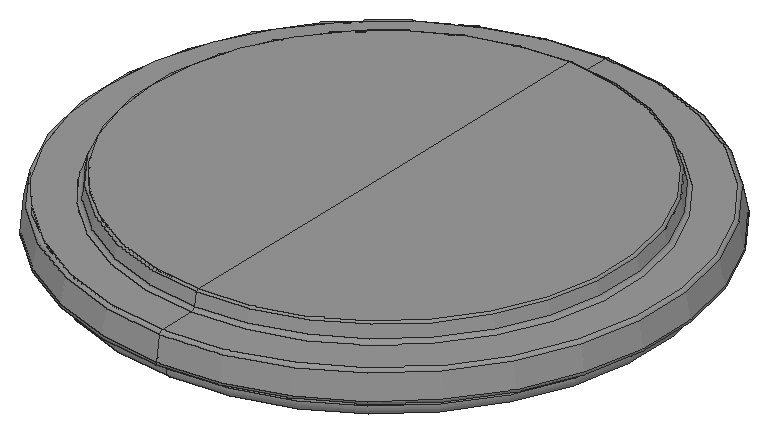
Revit family "FMK13_63_UN_Surface-mounted_ETK", category Lighting Fixtures, Revit 2017 (continued)
Definition of nested family "FMK.1 - Lightsource"
  Types (13, lengths in mm): name | Wattage Comments | Photometric Web File | built-in parameter 1150142 | Apparent Load
    FMK.1139.10 - Ø250x48 / 12W | "12W" | "FMK.1139.10.ies" | "IESNA:LM-63-2002\r\n[TEST] /2015\r\n[TESTLAB] ies2eulumdat.appspot.com\r\n[ISSUEDATE] 2021-06-16T09:00:21.829\r\n[MANUFAC] www.etk.nl\r\n[LUMCAT] FMK.1109.10\r\n[LUMINAIRE] FMK.1 LED 12W 3000/4000/5700K ø250 niet dimbaar\r\n[LAMPCAT] LED\r\n[LAMP] LED\r\nTILT=NONE\r\n1\t1150\t1\t46\t180\t1\t2\t-0.250\t-0.250\t0\r\n1.0\t1.0\t11.80\r\n0\t 2\t 4\t 6\t 8\t 10\t 12\t 14\t 16\t 18\r\n20\t 22\t 24\t 26\t 28\t 30\t 32\t 34\t 36\t 38\r\n40\t 42\t 44\t 46\t 48\t 50\t 52\t 54\t 56\t 58\r\n60\t 62\t 64\t 66\t 68\t 70\t 72\t 74\t 76\t 78\r\n80\t 82\t 84\t 86\t 88\t 90\r\n0\t 2\t 4\t 6\t 8\t 10\t 12\t 14\t 16\t 18\r\n20\t 22\t 24\t 26\t 28\t 30\t 32\t 34\t 36\t 38\r\n40\t 42\t 44\t 46\t 48\t 50\t 52\t 54\t 56\t 58\r\n60\t 62\t 64\t 66\t 68\t 70\t 72\t 74\t 76\t 78\r\n80\t 82\t 84\t 86\t 88\t 90\t 92\t 94\t 96\t 98\r\n100\t 102\t 104\t 106\t 108\t 110\t 112\t 114\t 116\t 118\r\n120\t 122\t 124\t 126\t 128\t 130\t 132\t 134\t 136\t 138\r\n140\t 142\t 144\t 146\t 148\t 150\t 152\t 154\t 156\t 158\r\n160\t 162\t 164\t 166\t 168\t 170\t 172\t 174\t 176\t 178\r\n180\t 182\t 184\t 186\t 188\t 190\t 192\t 194\t 196\t 198\r\n200\t 202\t 204\t 206\t 208\t 210\t 212\t 214\t 216\t 218\r\n220\t 222\t 224\t 226\t 228\t 230\t 232\t 234\t 236\t 238\r\n240\t 242\t 244\t 246\t 248\t 250\t 252\t 254\t 256\t 258\r\n260\t 262\t 264\t 266\t 268\t 270\t 272\t 274\t 276\t 278\r\n280\t 282\t 284\t 286\t 288\t 290\t 292\t 294\t 296\t 298\r\n300\t 302\t 304\t 306\t 308\t 310\t 312\t 314\t 316\t 318\r\n320\t 322\t 324\t 326\t 328\t 330\t 332\t 334\t 336\t 338\r\n340\t 342\t 344\t 346\t 348\t 350\t 352\t 354\t 356\t 358\r\n\r\n405.3384\t404.7765\t404.2265\t402.9975\t401.1013\t399.2051\t395.3191\t391.4331\t387.5471\t383.661\r\n379.7751\t373.4779\t367.169\t360.8717\t354.5746\t348.2657\t339.7094\t331.1415\t322.5852\t314.029\r\n305.461\t294.8096\t284.1582\t273.5069\t262.8555\t252.2041\t239.7267\t227.261\t214.7837\t202.3181\r\n189.8525\t177.3751\t164.9094\t152.432\t139.9664\t127.4891\t0\t0\t0\t0\r\n0\t0\t0\t0\t0\t0\r\n405.3384\t404.7925\t404.2577\t403.0448\t401.1686\t399.2994\t395.4335\t391.5606\t387.7102\t383.8203\r\n379.9334\t373.6444\t367.3443\t361.0453\t354.7325\t348.4388\t339.8983\t331.3616\t322.8117\t314.2627\r\n305.722\t295.0872\t284.4404\t273.8022\t263.1576\t252.5163\t240.0548\t227.5873\t215.131\t202.664\r\n190.1945\t177.7378\t165.2697\t152.8012\t140.3312\t128.1946\t0.3296\t0\t0\t0\r\n0\t0\t0\t0\t0\t0\r\n405.3384\t404.8094\t404.2892\t403.0935\t401.2796\t399.4809\t395.6213\t391.7396\t387.8385\t383.9437\r\n380.072\t373.802\t367.5085\t361.2065\t354.9129\t348.6531\t340.137\t331.5961\t323.0451\t314.5012\r\n305.9895\t295.3818\t284.734\t274.0862\t263.4264\t252.8071\t240.376\t227.9231\t215.4572\t202.995\r\n190.53\t178.0631\t165.6056\t153.1389\t140.6717\t129.4859\t1.3419\t0\t0\t0\r\n0\t0\t0\t0\t0\t0\r\n405.3384\t404.8271\t404.3209\t403.1488\t401.3532\t399.5783\t395.7291\t391.8382\t387.9181\t384.0265\r\n380.1901\t373.9544\t367.6616\t361.3486\t355.0482\t348.8012\t340.3437\t331.8018\t323.2501\t314.6929\r\n306.2129\t295.662\t285.012\t274.3604\t263.7094\t253.1247\t240.74\t228.2758\t215.8122\t203.3491\r\n190.8749\t178.4127\t165.9503\t153.4898\t141.027\t131.3458\t3.1025\t0\t0\t0\r\n0\t0\t0\t0\t0\t0\r\n405.3384\t404.8458\t404.3591\t403.1978\t401.4167\t399.6486\t395.7816\t391.8937\t388.0038\t384.1068\r\n380.2987\t374.1143\t367.817\t361.5156\t355.2003\t348.9967\t340.5979\t332.043\t323.4957\t314.942\r\n306.4955\t295.9896\t285.3021\t274.6328\t263.9659\t253.4202\t241.0823\t228.6129\t216.1591\t203.6915\r\n191.2234\t178.7558\t166.3001\t153.8352\t141.371\t133.6544\t5.718\t0\t0\t0\r\n0\t0\t0\t0\t0\t0\r\n405.3384\t404.8652\t404.3908\t403.2459\t401.4706\t399.6646\t395.8675\t391.9843\t388.0857\t384.1821\r\n380.4316\t374.3456\t368.0256\t361.7021\t355.3697\t349.2\t340.8799\t332.2872\t323.6935\t315.0968\r\n306.6804\t296.3012\t285.6181\t274.9391\t264.248\t253.707\t241.4578\t228.9766\t216.4988\t204.0245\r\n191.5571\t179.0864\t166.6186\t154.1544\t141.6922\t136.24\t9.3369\t0\t0\t0\r\n0\t0\t0\t0\t0\t0\r\n405.3384\t404.8854\t404.4219\t403.2933\t401.5055\t399.7186\t395.9651\t392.0842\t388.1903\t384.3067\r\n380.5784\t374.5562\t368.2162\t361.8639\t355.4958\t349.3364\t341.1183\t332.5123\t323.9013\t315.2964\r\n306.9063\t296.6299\t285.9122\t275.1976\t264.4831\t253.9575\t241.8218\t229.3201\t216.8328\t204.3396\r\n191.8483\t179.3695\t166.8926\t154.4222\t141.9565\t138.8551\t14.1501\t0\t0\t0\r\n0\t0\t0\t0\t0\t0\r\n405.3384\t404.9066\t404.4521\t403.3398\t401.5506\t399.7766\t396.0731\t392.2029\t388.3231\t384.3922\r\n380.6589\t374.7488\t368.3792\t361.9898\t355.5837\t349.4181\t341.3685\t332.7528\t324.1099\t315.4532\r\n307.0598\t296.9581\t286.2249\t275.4731\t264.7159\t254.1799\t242.1928\t229.6762\t217.1659\t204.6692\r\n192.1717\t179.6758\t167.1817\t154.6978\t142.2295\t141.3105\t20.401\t0\t0\t0\r\n0\t0\t0\t0\t0\t0\r\n405.3384\t404.9688\t404.4817\t403.3908\t401.5946\t399.8358\t396.2032\t392.3475\t388.4203\t384.4425\r\n380.7195\t374.9437\t368.5473\t362.1238\t355.6851\t349.5134\t341.9282\t332.9785\t324.3069\t315.6402\r\n306.9436\t297.5694\t286.5262\t275.7395\t264.9593\t254.1623\t242.7912\t230.0358\t217.5005\t204.986\r\n192.4711\t179.9636\t167.4644\t154.9748\t142.4941\t143.2492\t28.3764\t0\t0\t0\r\n0\t0\t0\t0\t0\t0\r\n405.3384\t404.9901\t404.5102\t403.434\t401.6375\t399.8986\t396.3675\t392.4653\t388.4946\t384.4886\r\n380.7515\t375.1532\t368.7296\t362.2829\t355.7949\t349.2691\t342.1908\t333.257\t324.528\t315.7751\r\n307.0363\t297.9246\t286.8722\t276.0236\t265.1733\t254.3419\t243.18\t230.433\t217.8766\t205.3224\r\n192.7845\t180.2462\t167.7206\t155.2142\t142.724\t144.3059\t38.4235\t0\t0\t0\r\n0\t0\t0\t0\t0\t0\r\n405.3384\t405.0108\t404.5376\t403.4745\t401.6757\t399.9613\t396.5103\t392.5677\t388.5717\t384.5293\r\n380.4421\t375.6788\t368.9428\t362.4278\t355.8852\t349.3419\t342.4468\t333.4846\t324.7196\t315.9401\r\n307.1422\t298.1755\t287.1691\t276.2852\t265.4162\t254.5351\t243.54\t230.8321\t218.2158\t205.6051\r\n193.0422\t180.5018\t167.9628\t155.4439\t142.9509\t130.4715\t80.1717\t0\t0\t0\r\n0\t0\t0\t0\t0\t0\r\n405.3384\t405.0308\t404.5638\t403.5122\t401.7197\t400.0344\t396.6479\t392.675\t388.642\t384.5539\r\n380.446\t375.8849\t369.1475\t362.5941\t356.0076\t349.3402\t342.606\t333.7678\t324.9507\t316.0958\r\n307.1888\t298.3823\t287.5427\t276.5987\t265.6547\t254.6769\t243.7733\t231.1892\t218.5583\t205.9536\r\n193.3574\t180.7795\t168.2176\t155.6732\t143.1664\t130.6811\t92.6587\t0\t0\t0\r\n0\t0\t0\t0\t0\t0\r\n405.3384\t405.0504\t404.5956\t403.547\t401.7653\t400.0733\t397.0342\t392.7846\t388.7175\t384.6009\r\n380.4658\t376.0643\t369.3866\t362.7735\t356.0799\t349.3699\t342.7566\t334.0832\t325.1628\t316.2179\r\n307.2752\t298.5357\t287.9146\t276.8913\t265.8705\t254.8646\t244.0337\t231.6235\t218.9315\t206.265\r\n193.6356\t181.0339\t168.4572\t155.9156\t143.3861\t130.8825\t104.473\t0\t0\t0\r\n0\t0\t0\t0\t0\t0\r\n405.3384\t405.0692\t404.6173\t403.5726\t401.812\t400.0922\t397.1653\t392.8976\t388.795\t384.6787\r\n380.4567\t376.1942\t369.6246\t362.9226\t356.2055\t349.4272\t342.8367\t334.3769\t325.3805\t316.3703\r\n307.3625\t298.3377\t288.5546\t277.2123\t266.1258\t255.0391\t244.1559\t232.0335\t219.3073\t206.6258\r\n193.9576\t181.3129\t168.7045\t156.1324\t143.5875\t131.0872\t115.0185\t0\t0\t0\r\n0\t0\t0\t0\t0\t0\r\n405.3384\t405.0876\t404.6362\t403.6022\t401.8688\t399.828\t397.2783\t392.9976\t388.9023\t384.7385\r\n380.4432\t376.2623\t369.8607\t363.1303\t356.3361\t349.4819\t342.5273\t334.9205\t325.6274\t316.563\r\n307.4647\t298.325\t288.8953\t277.552\t266.3836\t255.2249\t244.066\t232.6598\t219.71\t206.9637\r\n194.2635\t181.5828\t168.9417\t156.3369\t143.7678\t131.2452\t123.6219\t0\t0\t0\r\n0\t0\t0\t0\t0\t0\r\n405.3384\t405.1054\t404.6527\t403.6299\t401.9954\t399.8313\t397.3825\t393.1311\t389.0376\t384.7914\r\n380.4256\t376.2601\t370.1442\t363.3441\t356.5\t349.5195\t342.4467\t335.1645\t325.9313\t316.7695\r\n307.548\t298.3169\t289.1161\t277.9297\t266.651\t255.4032\t244.1853\t232.9715\t220.1319\t207.3312\r\n194.5444\t181.8166\t169.148\t156.5181\t143.9438\t131.4005\t129.5504\t10.7169\t0\t0\r\n0\t0\t0\t0\t0\t0\r\n405.3384\t405.1227\t404.6665\t403.6558\t402.0282\t399.8387\t397.4732\t393.2952\t389.1616\t384.8421\r\n380.4176\t375.9014\t370.721\t363.6037\t356.6569\t349.5494\t342.4061\t335.3294\t326.2421\t316.9739\r\n307.6665\t298.3454\t289.1781\t278.2878\t266.963\t255.6467\t244.3238\t233.1536\t220.5163\t207.6577\r\n194.8355\t182.0686\t169.3482\t156.6677\t144.0408\t131.4715\t131.8453\t25.923\t0\t0\r\n0\t0\t0\t0\t0\t0\r\n405.3384\t405.1396\t404.6776\t403.6776\t402.0538\t399.8619\t397.5341\t393.5083\t389.2881\t384.8846\r\n380.4261\t375.832\t370.9139\t363.9038\t356.8028\t349.6355\t342.4017\t335.332\t326.5796\t317.2212\r\n307.8198\t298.3417\t288.8594\t278.9905\t267.339\t255.8866\t244.4302\t233.0061\t221.1259\t208.0094\r\n195.1274\t182.2902\t169.5075\t156.7928\t144.1389\t131.538\t118.9821\t72.5747\t0\t0\r\n0\t0\t0\t0\t0\t0\r\n405.3384\t405.1559\t404.686\t403.7113\t402.0482\t399.882\t397.6063\t393.7003\t389.4083\t384.9648\r\n380.4586\t375.7543\t371.0891\t364.165\t357.0131\t349.7518\t342.4103\t334.9484\t327.1548\t317.4999\r\n307.9709\t298.3923\t288.8332\t279.2321\t267.7019\t256.1485\t244.593\t233.049\t221.4516\t208.379\r\n195.4187\t182.5259\t169.6952\t156.9157\t144.2105\t131.5685\t118.9925\t91.6472\t0\t0\r\n0\t0\t0\t0\t0\t0\r\n405.3384\t405.1718\t404.6918\t403.7304\t402.0748\t399.9057\t397.6713\t393.8957\t389.5114\t385.088\r\n380.4979\t375.7076\t371.0587\t364.4889\t357.2386\t349.9042\t342.4218\t334.8539\t327.2884\t317.8216\r\n308.1836\t298.5219\t288.784\t279.2695\t268.1369\t256.4569\t244.7869\t233.1079\t221.6219\t208.7797\r\n195.7476\t182.7712\t169.842\t157.0084\t144.2669\t131.5897\t118.9856\t106.3522\t0\t0\r\n0\t0\t0\t0\t0\t0\r\n405.3384\t405.1872\t404.677\t403.7455\t402.1069\t399.9332\t397.7438\t394.3242\t389.6719\t385.2237\r\n380.5442\t375.6807\t370.6129\t365.0631\t357.5309\t350.0674\t342.4859\t334.7817\t327.2448\t318.4473\r\n308.4635\t298.6371\t288.784\t278.8955\t268.7927\t256.8209\t244.9966\t233.2361\t221.4851\t209.3772\r\n196.0586\t182.9925\t170.014\t157.1221\t144.303\t131.5659\t118.922\t115.4507\t0.7529\t0\r\n0\t0\t0\t0\t0\t0\r\n405.3384\t405.2023\t404.5924\t403.7567\t402.1445\t399.9518\t397.5215\t394.4699\t389.8906\t385.382\r\n380.6063\t375.6074\t370.4961\t365.1827\t357.8531\t350.2794\t342.5728\t334.767\t326.8088\t318.7303\r\n308.7717\t298.8224\t288.8326\t278.8036\t268.8778\t257.2662\t245.3121\t233.3885\t221.4719\t209.6291\r\n196.4163\t183.2663\t170.1886\t157.217\t144.3317\t131.5459\t118.8227\t106.1876\t17.4697\t0\r\n0\t0\t0\t0\t0\t0\r\n405.3384\t405.217\t404.5944\t403.7643\t402.2164\t399.9969\t397.5215\t394.5348\t390.1198\t385.5481\r\n380.6842\t375.579\t370.3695\t365.1761\t358.5091\t350.5396\t342.7377\t334.7731\t326.7113\t318.7291\r\n309.1553\t299.0695\t288.9289\t278.7193\t268.5571\t257.9194\t245.6422\t233.5555\t221.5159\t209.6959\r\n196.8141\t183.564\t170.3986\t157.3153\t144.3298\t131.4311\t118.6433\t105.963\t65.2493\t0\r\n0\t0\t0\t0\t0\t0\r\n405.3384\t405.2314\t404.597\t403.7683\t402.259\t400.1387\t397.5142\t394.6254\t390.3718\t385.7346\r\n380.7618\t375.6336\t370.2359\t364.7113\t358.7633\t350.8369\t342.942\t334.8576\t326.6208\t318.2983\r\n309.7123\t299.3766\t289.0811\t278.7695\t268.3526\t258.0866\t246.0418\t233.822\t221.6258\t209.5032\r\n197.3492\t183.8918\t170.5912\t157.4067\t144.3357\t131.3476\t118.48\t105.7362\t86.9291\t0\r\n0\t0\t0\t0\t0\t0\r\n405.3384\t405.2454\t404.6007\t403.7691\t402.2969\t400.2013\t397.5194\t394.7022\t390.8756\t385.9297\r\n380.8283\t375.6809\t370.2029\t364.5257\t358.7975\t351.2443\t343.1931\t334.9798\t326.6184\t318.1094\r\n309.6994\t299.7814\t289.3562\t278.8261\t268.235\t257.6488\t246.725\t234.1375\t221.8235\t209.5282\r\n197.4412\t184.2693\t170.8692\t157.5318\t144.3183\t131.2485\t118.3192\t105.4985\t99.8452\t0\r\n0\t0\t0\t0\t0\t0\r\n405.3384\t405.2465\t404.6055\t403.7327\t402.33\t400.28\t397.5374\t394.7758\t391.1064\t386.1222\r\n380.9814\t375.6963\t370.1916\t364.3689\t358.3019\t351.8681\t343.551\t335.1761\t326.6651\t318.0094\r\n309.224\t300.3263\t289.676\t278.9673\t268.2109\t257.4449\t246.79\t234.5954\t222.0662\t209.6096\r\n197.2538\t184.796\t171.1111\t157.6776\t144.3725\t131.1929\t118.1378\t105.2239\t92.4606\t7.417\r\n0\t0\t0\t0\t0\t0\r\n405.3384\t405.26\t404.6117\t403.7331\t402.3583\t400.3318\t397.5727\t394.5667\t391.2865\t386.3445\r\n381.2477\t375.7985\t370.1959\t364.244\t358.0878\t351.9228\t343.9437\t335.4465\t326.8059\t317.9911\r\n309.0489\t300.2024\t290.2985\t279.2004\t268.2951\t257.2789\t246.344\t235.2056\t222.4167\t209.7955\r\n197.2042\t184.8605\t171.4948\t157.9091\t144.4487\t131.1247\t117.9609\t104.9565\t92.1149\t52.9313\r\n0\t0\t0\t0\t0\t0\r\n405.3384\t405.2736\t404.6193\t403.7351\t402.3811\t400.3748\t397.6302\t394.5872\t391.3781\t386.8119\r\n381.4951\t375.9993\t370.2514\t364.1293\t357.9116\t351.3889\t344.5079\t335.822\t327.0416\t318.0736\r\n308.9557\t299.6921\t290.3569\t279.5927\t268.421\t257.3226\t246.1\t234.903\t222.8814\t210.0311\r\n197.2958\t184.6475\t172.0079\t158.165\t144.5452\t131.0796\t117.7978\t104.7315\t91.8426\t76.8551\r\n0\t0\t0\t0\t0\t0\r\n405.3384\t405.2871\t404.6284\t403.7382\t402.383\t400.4092\t397.8019\t394.6157\t391.382\t386.9759\r\n381.7537\t376.2214\t370.3501\t364.1175\t357.7917\t351.1064\t344.4201\t336.5393\t327.3814\t318.2587\r\n308.9705\t299.4656\t289.8818\t280.0753\t268.8078\t257.4031\t245.984\t234.5829\t223.2864\t210.4452\r\n197.4796\t184.6232\t171.8738\t158.4916\t144.6856\t131.1101\t117.7175\t104.5034\t91.5471\t87.0893\r\n0\t0\t0\t0\t0\t0\r\n405.3384\t405.3008\t404.6392\t403.7418\t402.3989\t400.4352\t397.8747\t394.6614\t391.0674\t387.1128\r\n382.2229\t376.4632\t370.4832\t364.2203\t357.7251\t350.8963\t343.8101\t336.6669\t327.8215\t318.561\r\n309.1145\t299.4337\t289.6313\t279.6987\t269.4041\t257.6346\t246.0417\t234.3777\t222.7877\t211.0609\r\n197.8041\t184.6956\t171.7174\t158.9026\t144.9461\t131.1605\t117.657\t104.3263\t91.2411\t78.3968\r\n8.6356\t0\t0\t0\t0\t0\r\n405.3384\t405.3146\t404.6518\t403.7453\t402.4116\t400.4333\t397.9374\t394.7255\t391.0189\t387.2362\r\n382.4741\t376.7553\t370.621\t364.3583\t357.712\t350.7498\t343.5434\t336.0689\t328.3754\t318.9975\r\n309.3575\t299.5473\t289.484\t279.3984\t269.2587\t258.261\t246.2079\t234.3624\t222.4746\t210.6739\r\n198.3975\t184.9162\t171.7187\t158.643\t145.2545\t131.3415\t117.6016\t104.16\t90.981\t78.0548\r\n54.1337\t0\t0\t0\t0\t0\r\n405.3384\t405.4889\t404.6945\t403.6712\t402.4205\t400.4506\t397.9834\t394.8928\t390.9998\t386.973\r\n382.6577\t377.3141\t370.8707\t364.5641\t357.7877\t350.7046\t343.3801\t335.7208\t327.8525\t319.6767\r\n309.7968\t299.7787\t289.6134\t279.2245\t268.6962\t258.2578\t246.6038\t234.4814\t222.3847\t210.2821\r\n198.4381\t185.3347\t171.8446\t158.564\t145.4985\t131.5442\t117.6455\t104.0124\t90.7095\t77.7184\r\n71.0115\t0\t0\t0\t0\t0\r\n405.3384\t405.5009\t404.7104\t403.6809\t402.4254\t400.4644\t398.0198\t394.9896\t391.014\t386.9406\r\n382.6666\t377.537\t371.2201\t364.837\t357.9545\t350.7593\t343.2926\t335.5022\t327.46\t319.1538\r\n310.4783\t300.1684\t289.8497\t279.2431\t268.5397\t257.661\t246.8589\t234.8353\t222.4783\t210.092\r\n197.8192\t185.7046\t172.2109\t158.5712\t145.1721\t131.9025\t117.7262\t103.9048\t90.5045\t77.4349\r\n64.724\t0\t0\t0\t0\t0\r\n405.3384\t405.512\t404.7274\t403.6949\t402.4256\t400.4737\t398.0459\t395.0319\t391.1349\t386.9314\r\n382.368\t377.565\t371.7894\t365.1647\t358.2122\t350.925\t343.2805\t335.4297\t327.1908\t318.7224\r\n309.9642\t300.886\t290.2777\t279.5029\t268.5805\t257.4726\t246.2239\t235.0727\t222.7881\t210.1727\r\n197.5617\t185.0625\t172.6371\t158.8143\t145.0846\t131.6118\t117.8827\t103.9322\t90.3265\t77.1744\r\n64.48\t35.0653\t0\t0\t0\t0\r\n405.3384\t405.522\t404.7455\t403.7452\t402.4209\t400.4773\t398.0588\t395.0488\t391.1753\t387.0135\r\n382.3352\t377.2242\t371.9159\t365.7147\t358.5534\t351.2243\t343.4254\t335.4792\t327.0606\t318.4772\r\n309.4696\t300.3065\t290.8705\t280.0089\t268.8629\t257.5392\t246.0377\t234.4621\t222.8965\t210.6316\r\n197.5873\t184.7291\t171.9505\t159.2993\t145.2866\t131.4601\t118.0115\t103.9741\t90.2222\t76.9361\r\n64.1798\t56.618\t0\t0\t0\t0\r\n405.3384\t405.5308\t404.7649\t403.7651\t402.3395\t400.4737\t398.0593\t395.0424\t391.207\t387.0567\r\n382.3506\t377.1527\t371.6378\t365.821\t359.1154\t351.6039\t343.7387\t335.6237\t327.116\t318.3892\r\n309.185\t299.8538\t290.1589\t280.4669\t269.6277\t257.8645\t246.1541\t234.2897\t222.3665\t210.3175\r\n198.0481\t184.7232\t171.6272\t158.6683\t145.768\t131.577\t117.6798\t104.1455\t90.1031\t76.7097\r\n63.9092\t51.7004\t0\t0\t0\t0\r\n405.3384\t405.5388\t404.7856\t403.7878\t402.34\t400.4766\t398.0469\t395.016\t391.2276\t387.086\r\n382.4782\t377.1848\t371.6139\t365.5258\t359.2193\t352.1252\t344.383\t335.9209\t327.3527\t318.4608\r\n309.1505\t299.601\t289.7392\t279.6691\t269.2868\t258.5846\t246.5891\t234.456\t222.2595\t209.9698\r\n197.5743\t185.146\t171.655\t158.2647\t145.101\t132.0467\t117.7168\t103.7776\t90.1162\t76.5416\r\n63.6537\t51.4481\t11.4644\t0\t0\t0\r\n405.3384\t405.5455\t404.8079\t403.8136\t402.3469\t400.3632\t398.021\t394.9736\t391.2361\t387.0991\r\n382.4999\t377.3413\t371.7228\t365.4801\t358.9167\t352.0852\t344.7107\t336.4982\t327.7775\t318.7203\r\n309.3167\t299.5744\t289.5996\t279.3072\t268.7148\t257.8887\t247.047\t235.2639\t222.5436\t209.9771\r\n197.2699\t184.5597\t171.885\t158.2865\t144.6692\t131.337\t118.1829\t103.7905\t89.9666\t76.4265\r\n63.4089\t51.1676\t44.0861\t0\t0\t0\r\n405.3384\t405.5513\t404.9774\t403.8429\t402.3609\t400.3505\t397.8886\t394.8898\t391.2407\t387.0953\r\n382.4979\t377.3824\t371.7634\t365.5989\t358.905\t351.812\t344.4396\t336.63\t328.3847\t319.3177\r\n309.7407\t299.8087\t289.728\t279.2246\t268.459\t257.4328\t246.1417\t234.7065\t223.2024\t210.4254\r\n197.4644\t184.3923\t171.2764\t158.1367\t144.9817\t130.9885\t117.4819\t104.1949\t89.9202\t76.3115\r\n63.1698\t50.8615\t39.4911\t0\t0\t0\r\n405.3384\t405.5559\t404.9992\t403.8756\t402.382\t400.349\t397.8573\t394.7468\t391.2145\t387.0848\r\n382.4587\t377.3893\t371.7642\t365.6347\t359.0468\t351.9462\t344.3869\t336.3706\t328.1386\t319.4674\r\n310.3444\t300.4744\t290.1739\t279.4322\t268.5321\t257.3547\t245.836\t234.1207\t222.3374\t210.1954\r\n198.078\t184.7804\t171.3331\t157.8412\t144.3958\t131.1966\t117.2105\t103.4803\t90.2145\t76.2405\r\n62.9998\t50.5463\t39.207\t5.7837\t0\t0\r\n405.
